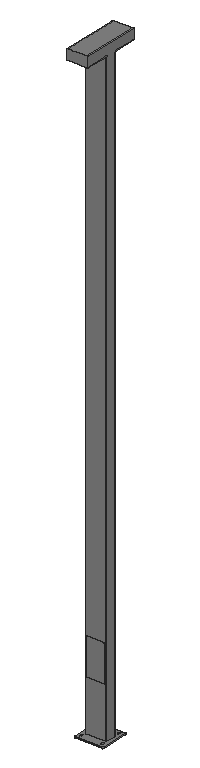
Revit family "Супремус В", category Осветительные приборы, Revit 2019 (continued)
Types (7, lengths in mm): name | Файл фотометрической сетки | built-in parameter 1150105 | Lumens | built-in parameter 1150106 | built-in parameter 1150142 | Wattage | L_общая рассеиватели | ADSK_Фактическая мощность | ADSK_Размер_Высота | ADSK_Номинальная мощность | ADSK_Наименование | ADSK_Масса_Текст | ADSK_Масса | ADSK_Артикул | 2
    86.3 389.1 391.7 394.1 397.2 400.4\r\n 403.9 407.5 410.7 414.4 418.8 422.4 425.6 428.8 432.3 435.8 438.4 440.9 443.9 447.0 449.6 452.5 454.9 457.4 460.2 463.0 466.2\r\n 468.9 471.2 472.4 473.0 472.4 471.3 469.6 466.9 463.0 458.6 454.0 449.4 445.0 440.6 436.2 431.7 426.3 420.5 413.5 404.9 395.1\r\n 385.0 374.9 364.6 354.3 343.9 333.7 322.8 311.6 299.7 286.7 273.9 260.3 246.6 232.7 218.3 204.0 189.7 176.0 162.6 149.4 137.9\r\n 126.5 115.1 106.0 98.4 90.9 83.7 77.5 71.5 65.7 60.0 54.6 49.8 44.9 40.6 36.8 33.6 30.7 28.0 25.6 23.4 21.5 19.9 18.3 16.7 15.2\r\n 13.8 12.2 10.7 9.5 8.3 7.4 6.6 6.0 5.3 4.7 4.3 4.0 3.6 3.1 2.8 2.5 2.2 1.9 1.6 1.4 1.3 1.2 1.0 0.9 0.8 0.7 0.5 0.4 0.3 0.1 0.0\r\n 0.0 0.0 0.0 0.0 0.0 0.0 0.0 0.0 0.0 0.0 0.0 0.0 0.0 0.0 0.0 0.0 0.0 0.0 0.0 0.0 0.0 0.0 0.0 0.0 0.0 0.0 0.0 0.0 0.0 0.0 0.0 0.0\r\n 0.0 0.0 0.0 0.0 0.0 0.0 0.0 0.0 0.0 0.0 0.0 0.0 0.0 0.0 0.0 0.0 0.0 0.0 0.0 0.0 0.0 0.0 0.0 0.0 0.0 0.0 0.0 0.0 0.0 0.0 0.0 0.0\r\n 0.0 0.0 0.0 0.0 0.0 0.0 0.0 0.0 0.0 0.0 0.0 0.0 0.0 0.0 0.0 0.0 0.0 0.0 0.0 0.0 0.0 0.0 0.0 0.0 0.0 0.0 0.0 0.0 0.0 0.0 0.0 0.0\r\n 0.0 0.0 0.0 0.0 0.0 0.0 0.0 0.0 0.0 0.0 0.0 0.0 0.0 0.0 0.0 0.0 0.0 0.0 0.0 0.0 0.0 0.0 0.0 0.0 0.0 0.0 0.0 0.0 0.0 0.0 0.0 0.0\r\n 0.0 0.0 0.0 0.0 0.0 0.0 0.0 0.0 0.0 0.0 0.0 0.0 0.0 0.0 0.0 0.0 0.0 0.0 0.0 0.0 0.0 0.0 0.0 0.0 0.0 0.0 0.0 0.0 0.0 0.0\r\n275.6 277.2 278.7 280.3 282.0 283.5 285.2 287.0 288.8 290.5 292.5 294.4 296.3 298.1 299.8 301.6 303.3 304.7 306.1 307.5 308.8\r\n 310.0 311.3 312.2 313.3 314.3 315.6 316.5 317.6 318.9 320.0 321.4 322.5 323.5 324.6 325.4 326.1 327.0 327.6 328.5 329.2 329.8\r\n 330.3 331.2 332.0 332.7 333.2 333.7 334.2 335.0 335.9 336.6 337.8 338.9 340.0 341.3 342.7 344.3 345.7 347.3 348.9 350.6 352.6\r\n 354.5 356.5 359.0 361.0 363.6 366.0 368.8 371.8 374.4 376.7 379.1 381.5 383.8 386.4 388.6 390.3 392.3 394.5 396.5 398.5 400.0\r\n 402.0 404.3 405.9 407.6 410.5 413.3 416.0 418.7 421.0 423.7 425.9 428.1 430.0 432.2 434.3 436.0 438.2 440.1 441.5 442.6 443.3\r\n 443.5 443.5 442.8 441.9 440.2 437.9 434.3 430.1 425.6 421.4 417.3 412.7 407.7 401.8 396.0 390.3 385.1 379.2 372.9 365.9 358.2\r\n 350.0 341.5 333.0 323.5 314.0 304.3 294.4 284.3 272.7 260.4 248.0 235.4 221.9 208.4 195.0 181.1 166.5 152.1 139.0 126.0 113.4\r\n 102.9 93.3 84.7 76.4 68.2 61.1 54.1 48.8 44.3 40.3 36.7 33.6 31.0 28.6 26.5 24.8 23.5 22.6 21.8 21.1 20.3 19.6 18.6 17.5 16.2\r\n 14.6 13.0 11.6 10.5 9.5 8.5 7.7 6.9 6.5 6.1 5.8 5.2 4.7 4.1 3.5 2.9 2.4 2.1 1.8 1.6 1.5 1.4 1.3 1.1 1.0 0.9 0.8 0.7 0.6 0.0 0.0\r\n 0.0 0.0 0.0 0.0 0.0 0.0 0.0 0.0 0.0 0.0 0.0 0.0 0.0 0.0 0.0 0.0 0.0 0.0 0.0 0.0 0.0 0.0 0.0 0.0 0.0 0.0 0.0 0.0 0.0 0.0 0.0 0.0\r\n 0.0 0.0 0.0 0.0 0.0 0.0 0.0 0.0 0.0 0.0 0.0 0.0 0.0 0.0 0.0 0.0 0.0 0.0 0.0 0.0 0.0 0.0 0.0 0.0 0.0 0.0 0.0 0.0 0.0 0.0 0.0 0.0\r\n 0.0 0.0 0.0 0.0 0.0 0.0 0.0 0.0 0.0 0.0 0.0 0.0 0.0 0.0 0.0 0.0 0.0 0.0 0.0 0.0 0.0 0.0 0.0 0.0 0.0 0.0 0.0 0.0 0.0 0.0 0.0 0.0\r\n 0.0 0.0 0.0 0.0 0.0 0.0 0.0 0.0 0.0 0.0 0.0 0.0 0.0 0.0 0.0 0.0 0.0 0.0 0.0 0.0 0.0 0.0 0.0 0.0 0.0 0.0 0.0 0.0 0.0 0.0 0.0 0.0\r\n 0.0 0.0 0.0 0.0 0.0 0.0 0.0 0.0 0.0 0.0 0.0 0.0 0.0 0.0 0.0 0.0 0.0 0.0 0.0 0.0 0.0 0.0 0.0 0.0 0.0 0.0 0.0 0.0 0.0 0.0\r\n275.6 277.3 279.1 281.0 282.7 284.5 286.4 288.6 290.8 293.1 295.0 297.3 299.4 301.3 303.2 305.0 306.8 308.4 310.0 311.5 312.9\r\n 314.0 315.5 316.7 317.7 319.0 320.4 322.0 323.5 325.0 326.1 327.3 328.2 328.9 329.8 330.5 331.3 331.8 332.5 333.1 333.6 334.1\r\n 334.5 335.0 335.6 336.2 337.0 337.8 338.4 339.2 340.0 341.1 342.1 343.5 344.9 346.4 348.2 350.1 351.8 353.6 355.5 357.4 359.3\r\n 361.1 363.4 365.6 368.0 370.4 372.9 375.3 377.6 379.7 381.5 382.4 383.9 385.5 387.0 388.2 389.1 389.8 390.3 390.6 391.1 391.1\r\n 391.1 390.8 391.0 391.5 392.0 392.7 393.5 394.2 395.3 396.0 396.6 396.7 397.1 397.3 397.6 398.0 398.4 398.8 398.7 398.8 398.4\r\n 397.1 395.3 393.0 390.3 387.1 383.0 378.6 374.2 369.4 364.3 359.0 353.3 347.9 343.1 338.5 333.5 327.9 321.9 315.5 309.2 301.8\r\n 294.1 285.9 277.2 268.8 260.1 251.4 242.0 232.4 222.8 212.6 201.7 190.6 179.4 168.4 157.7 146.7 135.6 124.7 113.7 103.5 93.8 84.7\r\n 75.5 66.6 58.9 52.5 47.4 42.8 38.8 35.4 32.6 30.4 28.6 27.0 25.4 24.0 22.9 21.9 21.0 20.1 19.3 18.5 17.7 17.1 16.5 15.6 14.5 13.2\r\n 12.2 11.1 10.2 9.3 8.3 7.4 6.7 6.2 5.8 5.4 4.8 4.3 3.8 3.3 2.7 2.3 2.1 1.8 1.7 1.5 1.4 1.3 1.1 1.0 0.9 0.8 0.7 0.0 0.0 0.0 0.0\r\n 0.0 0.0 0.0 0.0 0.0 0.0 0.0 0.0 0.0 0.0 0.0 0.0 0.0 0.0 0.0 0.0 0.0 0.0 0.0 0.0 0.0 0.0 0.0 0.0 0.0 0.0 0.0 0.0 0.0 0.0 0.0 0.0\r\n 0.0 0.0 0.0 0.0 0.0 0.0 0.0 0.0 0.0 0.0 0.0 0.0 0.0 0.0 0.0 0.0 0.0 0.0 0.0 0.0 0.0 0.0 0.0 0.0 0.0 0.0 0.0 0.0 0.0 0.0 0.0 0.0\r\n 0.0 0.0 0.0 0.0 0.0 0.0 0.0 0.0 0.0 0.0 0.0 0.0 0.0 0.0 0.0 0.0 0.0 0.0 0.0 0.0 0.0 0.0 0.0 0.0 0.0 0.0 0.0 0.0 0.0 0.0 0.0 0.0\r\n 0.0 0.0 0.0 0.0 0.0 0.0 0.0 0.0 0.0 0.0 0.0 0.0 0.0 0.0 0.0 0.0 0.0 0.0 0.0 0.0 0.0 0.0 0.0 0.0 0.0 0.0 0.0 0.0 0.0 0.0 0.0 0.0\r\n 0.0 0.0 0.0 0.0 0.0 0.0 0.0 0.0 0.0 0.0 0.0 0.0 0.0 0.0 0.0 0.0 0.0 0.0 0.0 0.0 0.0 0.0 0.0 0.0 0.0 0.0 0.0 0.0\r\n275.6 277.5 279.4 281.5 283.5 285.5 287.7 290.2 292.8 295.1 297.8 300.0 302.1 304.2 306.4 308.3 310.2 311.9 313.5 314.9 316.3\r\n 317.9 319.1 320.6 322.1 323.9 325.6 327.0 328.5 329.8 330.7 331.6 332.5 333.4 334.2 335.0 335.6 336.2 336.5 336.9 337.5 337.9\r\n 338.5 339.2 340.1 340.6 341.3 342.3 343.2 344.1 345.4 346.6 347.9 349.0 350.4 351.8 352.9 354.3 355.7 357.3 359.0 360.7 362.7\r\n 364.7 366.6 368.3 370.0 371.6 373.1 374.5 375.8 376.5 377.0 377.7 378.6 379.4 379.7 379.5 379.0 377.9 377.1 375.9 373.9 371.9\r\n 370.4 369.2 368.1 366.4 364.8 363.7 362.4 360.9 360.1 359.0 357.7 355.8 353.4 351.2 349.1 346.6 344.1 341.5 338.3 334.8 331.3\r\n 327.9 324.2 320.6 316.4 311.9 306.9 301.6 296.5 291.2 285.9 280.3 274.3 268.3 261.7 255.8 250.2 244.6 238.6 232.4 225.7 218.4\r\n 210.8 203.6 196.5 189.1 182.2 175.5 168.9 162.7 155.6 148.3 140.7 132.8 124.3 115.6 107.1 98.1 89.8 81.9 74.2 67.1 61.4 55.8 51.8\r\n 48.3 44.8 41.8 39.1 36.6 34.5 32.5 30.7 29.2 27.7 26.2 24.7 23.3 22.0 20.6 19.3 18.1 17.0 16.1 15.2 14.4 13.6 12.9 12.1 11.3 10.5\r\n 9.8 9.1 8.4 7.7 7.2 6.7 6.4 6.2 5.7 4.9 4.4 3.9 3.4 2.9 2.5 2.2 2.0 1.8 1.7 1.5 1.4 1.3 1.2 1.1 1.0 0.9 0.0 0.0 0.0 0.0 0.0 0.0\r\n 0.0 0.0 0.0 0.0 0.0 0.0 0.0 0.0 0.0 0.0 0.0 0.0 0.0 0.0 0.0 0.0 0.0 0.0 0.0 0.0 0.0 0.0 0.0 0.0 0.0 0.0 0.0 0.0 0.0 0.0 0.0 0.0\r\n 0.0 0.0 0.0 0.0 0.0 0.0 0.0 0.0 0.0 0.0 0.0 0.0 0.0 0.0 0.0 0.0 0.0 0.0 0.0 0.0 0.0 0.0 0.0 0.0 0.0 0.0 0.0 0.0 0.0 0.0 0.0 0.0\r\n 0.0 0.0 0.0 0.0 0.0 0.0 0.0 0.0 0.0 0.0 0.0 0.0 0.0 0.0 0.0 0.0 0.0 0.0 0.0 0.0 0.0 0.0 0.0 0.0 0.0 0.0 0.0 0.0 0.0 0.0 0.0 0.0\r\n 0.0 0.0 0.0 0.0 0.0 0.0 0.0 0.0 0.0 0.0 0.0 0.0 0.0 0.0 0.0 0.0 0.0 0.0 0.0 0.0 0.0 0.0 0.0 0.0 0.0 0.0 0.0 0.0 0.0 0.0 0.0 0.0\r\n 0.0 0.0 0.0 0.0 0.0 0.0 0.0 0.0 0.0 0.0 0.0 0.0 0.0 0.0 0.0 0.0 0.0 0.0 0.0 0.0 0.0 0.0 0.0 0.0 0.0 0.0\r\n275.6 277.6 279.6 281.7 284.0 286.2 288.8 291.4 294.2 297.1 299.7 302.2 304.5 306.8 309.0 311.0 313.1 314.7 316.4 318.1 319.4\r\n 321.0 322.7 324.6 326.4 328.3 329.8 331.2 332.4 333.5 334.7 335.7 336.7 337.7 338.3 339.0 339.5 340.1 340.5 341.2 341.9 342.6\r\n 343.2 344.1 344.9 345.6 346.6 347.6 348.8 349.9 350.8 351.5 352.5 353.2 354.3 355.4 356.3 357.5 358.3 359.2 360.2 361.2 362.3\r\n 363.6 364.4 365.1 365.7 366.0 366.3 366.5 366.0 365.8 366.1 366.8 367.6 368.1 367.6 366.7 365.1 363.3 360.9 357.6 354.4 352.2\r\n 349.7 347.1 344.3 341.1 338.4 335.0 331.3 328.1 325.2 321.5 317.6 313.4 308.9 304.0 299.3 294.8 290.4 285.8 281.0 276.0 270.9\r\n 265.5 260.0 253.9 247.6 241.4 235.2 228.7 222.1 215.0 208.2 201.9 196.1 190.6 184.9 179.4 173.5 167.1 160.9 154.6 148.6 142.5\r\n 136.9 131.7 127.2 122.6 118.1 113.7 108.9 103.9 98.9 94.0 89.1 84.0 79.1 74.2 69.4 64.7 60.3 56.3 52.6 49.4 46.6 44.3 42.3 40.5\r\n 38.7 37.0 35.3 33.8 32.2 30.8 29.6 28.3 27.0 25.7 24.5 23.4 22.1 20.8 19.6 18.5 17.4 16.5 15.5 14.5 13.4 12.4 11.4 10.6 9.7 9.1\r\n 8.3 7.7 7.1 6.5 6.0 5.7 5.5 5.1 4.7 4.3 3.8 3.4 3.0 2.8 2.5 2.3 2.1 2.0 1.8 1.7 1.5 1.4 1.3 1.1 1.0 0.0 0.0 0.0 0.0 0.0 0.0 0.0\r\n 0.0 0.0 0.0 0.0 0.0 0.0 0.0 0.0 0.0 0.0 0.0 0.0 0.0 0.0 0.0 0.0 0.0 0.0 0.0 0.0 0.0 0.0 0.0 0.0 0.0 0.0 0.0 0.0 0.0 0.0 0.0 0.0\r\n 0.0 0.0 0.0 0.0 0.0 0.0 0.0 0.0 0.0 0.0 0.0 0.0 0.0 0.0 0.0 0.0 0.0 0.0 0.0 0.0 0.0 0.0 0.0 0.0 0.0 0.0 0.0 0.0 0.0 0.0 0.0 0.0\r\n 0.0 0.0 0.0 0.0 0.0 0.0 0.0 0.0 0.0 0.0 0.0 0.0 0.0 0.0 0.0 0.0 0.0 0.0 0.0 0.0 0.0 0.0 0.0 0.0 0.0 0.0 0.0 0.0 0.0 0.0 0.0 0.0\r\n 0.0 0.0 0.0 0.0 0.0 0.0 0.0 0.0 0.0 0.0 0.0 0.0 0.0 0.0 0.0 0.0 0.0 0.0 0.0 0.0 0.0 0.0 0.0 0.0 0.0 0.0 0.0 0.0 0.0 0.0 0.0 0.0\r\n 0.0 0.0 0.0 0.0 0.0 0.0 0.0 0.0 0.0 0.0 0.0 0.0 0.0 0.0 0.0 0.0 0.0 0.0 0.0 0.0 0.0 0.0 0.0 0.0 0.0\r\n275.6 277.7 279.8 282.1 284.6 287.0 289.8 292.9 296.0 298.8 301.6 304.2 306.6 308.9 311.1 313.3 315.2 317.1 319.0 320.6 322.3\r\n 324.1 326.3 328.3 330.0 331.6 333.1 334.3 335.4 336.5 338.0 338.8 339.6 340.7 341.3 341.9 342.7 343.6 344.4 345.2 345.9 346.8\r\n 347.8 348.6 349.7 350.6 351.4 352.2 352.9 353.5 354.1 354.9 355.6 356.5 356.8 357.3 357.9 358.2 358.5 359.2 359.6 359.6 359.6\r\n 359.6 359.6 359.2 358.8 358.1 357.7 357.2 356.8 356.3 356.5 356.6 356.2 354.9 352.9 350.1 347.3 344.3 340.2 336.1 332.9 329.3\r\n 325.5 321.3 316.8 312.4 307.1 302.2 297.9 293.2 288.0 282.6 277.0 270.5 264.2 257.7 251.5 245.5 239.2 232.5 225.3 218.1 210.7\r\n 203.4 196.5 189.9 183.3 176.6 170.1 163.9 158.4 153.1 147.9 142.6 137.5 132.4 127.4 122.8 118.8 114.6 110.2 105.8 101.9 98.1 94.6\r\n 91.0 87.1 83.3 79.8 76.4 72.7 69.1 65.4 61.8 58.2 54.9 51.9 49.1 46.9 45.0 43.3 41.6 40.0 38.5 37.0 35.5 34.0 32.7 31.4 30.0 28.8\r\n 27.5 26.4 25.3 24.3 23.5 22.6 21.8 20.9 19.9 19.1 18.3 17.5 16.7 15.9 15.2 14.4 13.4 12.6 11.9 11.1 10.3 9.7 9.1 8.6 8.0 7.3 6.6\r\n 6.3 5.9 5.5 5.1 4.7 4.3 4.0 3.7 3.3 3.0 2.8 2.5 2.3 2.1 2.0 1.9 1.7 1.6 1.4 1.2 1.1 0.0 0.0 0.0 0.0 0.0 0.0 0.0 0.0 0.0 0.0 0.0\r\n 0.0 0.0 0.0 0.0 0.0 0.0 0.0 0.0 0.0 0.0 0.0 0.0 0.0 0.0 0.0 0.0 0.0 0.0 0.0 0.0 0.0 0.0 0.0 0.0 0.0 0.0 0.0 0.0 0.0 0.0 0.0 0.0\r\n 0.0 0.0 0.0 0.0 0.0 0.0 0.0 0.0 0.0 0.0 0.0 0.0 0.0 0.0 0.0 0.0 0.0 0.0 0.0 0.0 0.0 0.0 0.0 0.0 0.0 0.0 0.0 0.0 0.0 0.0 0.0 0.0\r\n 0.0 0.0 0.0 0.0 0.0 0.0 0.0 0.0 0.0 0.0 0.0 0.0 0.0 0.0 0.0 0.0 0.0 0.0 0.0 0.0 0.0 0.0 0.0 0.0 0.0 0.0 0.0 0.0 0.0 0.0 0.0 0.0\r\n 0.0 0.0 0.0 0.0 0.0 0.0 0.0 0.0 0.0 0.0 0.0 0.0 0.0 0.0 0.0 0.0 0.0 0.0 0.0 0.0 0.0 0.0 0.0 0.0 0.0 0.0 0.0 0.0 0.0 0.0 0.0 0.0\r\n 0.0 0.0 0.0 0.0 0.0 0.0 0.0 0.0 0.0 0.0 0.0 0.0 0.0 0.0 0.0 0.0 0.0 0.0 0.0 0.0 0.0\r\n275.6 277.8 280.1 282.5 285.1 287.9 290.9 293.9 297.1 300.3 303.1 305.7 308.4 310.8 313.2 315.3 317.5 319.4 321.2 323.2 325.2\r\n 327.6 329.5 331.4 333.1 334.5 335.9 337.4 338.6 339.9 341.1 342.0 343.0 343.8 344.7 345.7 346.8 347.6 348.4 349.5 350.5 351.6\r\n 352.7 353.7 354.4 355.1 355.7 356.2 356.6 357.4 357.8 358.3 358.5 358.7 358.8 358.7 359.0 359.0 358.5 358.4 358.3 357.9 357.7\r\n 357.2 356.6 355.9 355.2 354.6 353.6 352.4 351.3 350.6 350.2 349.0 347.3 344.5 340.7 336.9 333.1 328.4 323.4 318.5 314.1 309.2\r\n 304.1 298.7 293.0 286.7 280.6 275.0 269.3 262.6 255.2 248.0 240.6 233.4 226.3 219.7 212.7 205.6 198.5 191.4 184.4 177.6 171.1\r\n 164.7 158.3 151.9 146.2 141.2 136.8 132.7 128.4 124.2 119.9 115.6 111.6 107.9 104.4 100.9 97.5 94.4 91.5 88.8 85.7 82.4 79.1 75.7\r\n 72.1 68.6 64.7 60.9 57.1 53.8 50.7 48.1 45.7 43.7 42.0 40.4 39.0 37.5 36.0 34.3 32.6 31.0 29.4 27.9 26.5 25.2 24.0 23.0 22.0 21.1\r\n 20.4 19.7 19.0 18.4 17.8 17.0 16.1 15.4 14.7 14.1 13.5 12.9 12.4 11.9 11.3 10.5 10.1 9.6 9.1 8.6 8.3 7.9 7.5 7.1 6.8 6.6 6.5 5.9\r\n 5.4 5.0 4.6 4.1 3.8 3.5 3.2 2.9 2.7 2.5 2.3 2.1 2.0 1.9 1.7 1.5 1.4 1.3 1.1 0.0 0.0 0.0 0.0 0.0 0.0 0.0 0.0 0.0 0.0 0.0 0.0 0.0\r\n 0.0 0.0 0.0 0.0 0.0 0.0 0.0 0.0 0.0 0.0 0.0 0.0 0.0 0.0 0.0 0.0 0.0 0.0 0.0 0.0 0.0 0.0 0.0 0.0 0.0 0.0 0.0 0.0 0.0 0.0 0.0 0.0\r\n 0.0 0.0 0.0 0.0 0.0 0.0 0.0 0.0 0.0 0.0 0.0 0.0 0.0 0.0 0.0 0.0 0.0 0.0 0.0 0.0 0.0 0.0 0.0 0.0 0.0 0.0 0.0 0.0 0.0 0.0 0.0 0.0\r\n 0.0 0.0 0.0 0.0 0.0 0.0 0.0 0.0 0.0 0.0 0.0 0.0 0.0 0.0 0.0 0.0 0.0 0.0 0.0 0.0 0.0 0.0 0.0 0.0 0.0 0.0 0.0 0.0 0.0 0.0 0.0 0.0\r\n 0.0 0.0 0.0 0.0 0.0 0.0 0.0 0.0 0.0 0.0 0.0 0.0 0.0 0.0 0.0 0.0 0.0 0.0 0.0 0.0 0.0 0.0 0.0 0.0 0.0 0.0 0.0 0.0 0.0 0.0 0.0 0.0\r\n 0.0 0.0 0.0 0.0 0.0 0.0 0.0 0.0 0.0 0.0 0.0 0.0 0.0 0.0 0.0 0.0 0.0 0.0 0.0\r\n275.6 277.9 280.3 282.8 285.5 288.5 291.6 294.8 298.1 301.3 304.1 307.0 309.6 312.0 314.4 316.6 318.8 321.0 323.0 325.3 327.7\r\n 329.8 331.8 333.6 335.3 336.6 338.2 339.8 341.0 342.3 343.3 344.3 345.4 346.5 347.7 348.7 349.7 350.8 352.1 353.1 354.3 355.3\r\n 356.1 357.0 357.7 358.1 358.7 359.3 359.8 359.9 360.2 360.0 359.7 359.6 359.4 359.0 358.4 358.0 357.8 357.4 357.1 356.6 356.0\r\n 355.3 354.5 353.3 352.1 350.6 349.3 348.0 346.5 345.6 344.1 341.8 338.7 334.1 329.8 325.8 321.1 315.9 310.0 305.3 299.6 293.4\r\n 287.0 280.1 272.6 264.4 256.7 249.6 241.8 233.5 225.6 217.5 209.0 201.7 194.9 188.0 180.9 173.7 166.3 158.9 151.9 145.6 140.0\r\n 134.7 129.9 125.7 122.2 118.8 115.4 111.9 108.3 105.0 102.0 99.3 96.7 94.0 91.3 88.9 86.6 84.0 81.3 78.5 75.4 72.4 69.2 65.7 62.3\r\n 58.8 55.7 53.0 50.3 48.0 45.9 44.0 42.3 40.6 38.9 37.0 35.1 33.2 31.3 29.4 27.7 26.1 24.6 23.4 22.2 21.1 20.2 19.4 18.7 18.0 17.2\r\n 16.4 15.6 14.8 14.2 13.6 13.1 12.5 12.0 11.5 10.9 10.4 10.0 9.4 8.6 8.1 7.6 7.3 6.9 6.5 6.3 6.1 5.8 5.6 5.5 5.6 5.4 4.9 4.8 4.3\r\n 4.0 3.7 3.4 3.1 2.9 2.7 2.5 2.3 2.2 2.0 1.9 1.8 1.7 1.5 1.4 1.3 1.2 0.0 0.0 0.0 0.0 0.0 0.0 0.0 0.0 0.0 0.0 0.0 0.0 0.0 0.0 0.0\r\n 0.0 0.0 0.0 0.0 0.0 0.0 0.0 0.0 0.0 0.0 0.0 0.0 0.0 0.0 0.0 0.0 0.0 0.0 0.0 0.0 0.0 0.0 0.0 0.0 0.0 0.0 0.0 0.0 0.0 0.0 0.0 0.0\r\n 0.0 0.0 0.0 0.0 0.0 0.0 0.0 0.0 0.0 0.0 0.0 0.0 0.0 0.0 0.0 0.0 0.0 0.0 0.0 0.0 0.0 0.0 0.0 0.0 0.0 0.0 0.0 0.0 0.0 0.0 0.0 0.0\r\n 0.0 0.0 0.0 0.0 0.0 0.0 0.0 0.0 0.0 0.0 0.0 0.0 0.0 0.0 0.0 0.0 0.0 0.0 0.0 0.0 0.0 0.0 0.0 0.0 0.0 0.0 0.0 0.0 0.0 0.0 0.0 0.0\r\n 0.0 0.0 0.0 0.0 0.0 0.0 0.0 0.0 0.0 0.0 0.0 0.0 0.0 0.0 0.0 0.0 0.0 0.0 0.0 0.0 0.0 0.0 0.0 0.0 0.0 0.0 0.0 0.0 0.0 0.0 0.0 0.0\r\n 0.0 0.0 0.0 0.0 0.0 0.0 0.0 0.0 0.0 0.0 0.0 0.0 0.0 0.0 0.0 0.0 0.0\r\n275.6 278.1 280.4 283.2 285.9 289.0 292.1 295.3 298.8 302.1 304.9 308.0 310.6 313.2 315.5 317.9 320.2 322.0 324.5 327.0 329.5\r\n 331.7 333.6 335.5 337.0 338.7 340.2 341.8 343.1 344.6 345.6 347.0 348.1 349.6 350.6 351.8 352.9 354.3 355.6 356.8 357.9 359.0\r\n 359.6 360.1 360.6 361.2 361.9 362.0 362.4 362.6 362.0 361.8 361.5 360.5 360.2 359.6 359.3 359.0 358.4 358.1 357.6 356.8 355.9\r\n 354.6 353.3 351.8 350.1 348.7 347.0 344.9 343.3 341.5 339.2 336.0 332.0 327.4 323.1 319.4 314.4 308.8 303.0 297.4 290.8 283.0\r\n 275.3 266.8 258.0 249.3 240.9 233.3 225.0 216.5 208.4 199.8 191.4 183.8 176.3 169.0 161.8 154.8 148.3 141.5 135.4 130.2 126.0\r\n 121.9 117.7 114.5 111.3 107.9 104.8 101.6 98.6 96.1 93.7 91.3 88.7 86.1 83.6 81.2 78.5 75.7 72.8 69.8 66.7 63.4 59.8 56.6 53.9\r\n 51.3 49.1 47.0 45.1 43.4 41.8 40.3 38.6 36.7 34.6 32.6 30.8 28.9 27.2 25.7 24.3 23.0 21.7 20.6 19.7 18.8 18.0 17.3 16.6 15.6 14.4\r\n 13.4 12.8 12.4 11.9 11.4 11.0 10.6 10.2 9.7 9.2 8.8 8.5 7.8 7.0 6.5 6.1 5.8 5.6 5.3 5.2 5.1 4.9 4.8 4.8 4.9 4.9 4.3 4.2 3.9 3.6\r\n 3.3 3.1 2.9 2.8 2.6 2.4 2.3 2.2 2.1 2.0 1.9 1.8 1.6 1.5 1.4 1.2 0.0 0.0 0.0 0.0 0.0 0.0 0.0 0.0 0.0 0.0 0.0 0.0 0.0 0.0 0.0 0.0\r\n 0.0 0.0 0.0 0.0 0.0 0.0 0.0 0.0 0.0 0.0 0.0 0.0 0.0 0.0 0.0 0.0 0.0 0.0 0.0 0.0 0.0 0.0 0.0 0.0 0.0 0.0 0.0 0.0 0.0 0.0 0.0 0.0\r\n 0.0 0.0 0.0 0.0 0.0 0.0 0.0 0.0 0.0 0.0 0.0 0.0 0.0 0.0 0.0 0.0 0.0 0.0 0.0 0.0 0.0 0.0 0.0 0.0 0.0 0.0 0.0 0.0 0.0 0.0 0.0 0.0\r\n 0.0 0.0 0.0 0.0 0.0 0.0 0.0 0.0 0.0 0.0 0.0 0.0 0.0 0.0 0.0 0.0 0.0 0.0 0.0 0.0 0.0 0.0 0.0 0.0 0.0 0.0 0.0 0.0 0.0 0.0 0.0 0.0\r\n 0.0 0.0 0.0 0.0 0.0 0.0 0.0 0.0 0.0 0.0 0.0 0.0 0.0 0.0 0.0 0.0 0.0 0.0 0.0 0.0 0.0 0.0 0.0 0.0 0.0 0.0 0.0 0.0 0.0 0.0 0.0 0.0\r\n 0.0 0.0 0.0 0.0 0.0 0.0 0.0 0.0 0.0 0.0 0.0 0.0 0.0 0.0 0.0 0.0\r\n275.6 278.0 280.5 283.3 286.2 289.3 292.5 296.0 299.4 302.5 305.7 308.7 311.2 313.8 316.2 318.5 320.7 323.0 325.4 328.1 330.4\r\n 332.7 334.7 336.4 337.9 339.7 341.2 342.7 344.1 345.6 347.0 348.2 349.7 351.1 352.3 353.5 355.1 356.3 357.7 358.7 360.0 360.9\r\n 361.5 361.9 362.6 363.0 363.4 363.6 363.6 363.1 362.6 362.0 361.2 360.6 360.1 359.7 359.3 358.7 358.3 357.9 357.2 355.9 354.8\r\n 353.5 351.8 350.0 348.1 346.3 344.1 341.8 339.1 336.5 333.5 329.6 325.5 320.7 317.0 312.5 307.0 301.0 294.3 2
